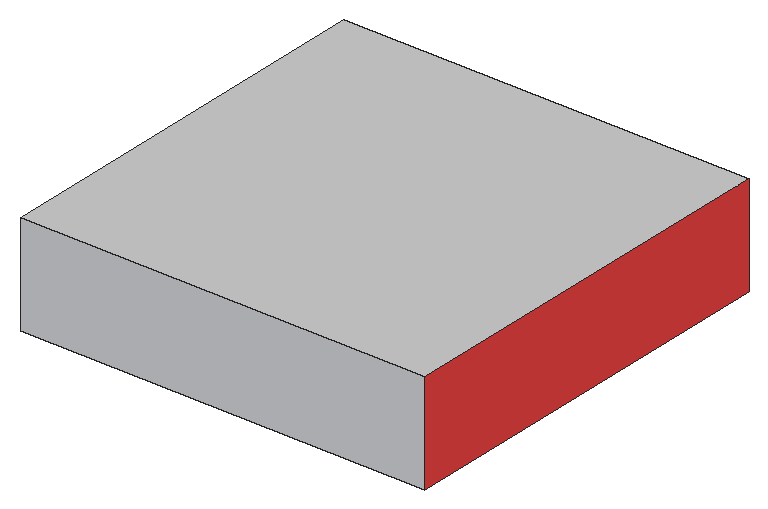
Revit family "GRIFO DE LAVABO KARIM DUE con desagüe automatico", category Aparatos sanitarios, Revit 2015
Parameters (values of type "88944000")
  URL = "http://www.griferiasgalindo.com/lavabo/karim-due/grifo-de-lavabo-karim-due?c=es"
  Teléfono = "(+34) 915 782 575"
  TIPO DE AGUA = "Fria/Caliente"
  REFERENCIA = "88944000"
  Presión Máxima = "5 bar"
  PESO BRUTO = ""
  Modelo = "KARIM DUE"
  Material = LATON CROMADO
  Imagen de tipo = <Ninguno>
  Fabricante = "PRESTO IBÉRICA"
  Default Elevation = 1219.2 mm
  ENTRADA = "Con latiguillos flexibles de 3/8”"
  Descripción = "Grifo monomando de lavabo. Esta serie de diseño tubular con cuerpo consistente y ergonomía funcional, proporciona una mezcla de estética sencilla y funcionalidad apta para todo tipo de usuarios y ambientes de baño. KARIM aporta el sistema de ahorro de agua Flowing Ecosystem con sistema de doble posición de maneta que permite ahorrar hasta un 50 % de agua. Estético, moderno, funcional y ecológico, así es KARIM DUE."
  Código de montaje = "C1030220"
  Contacto = "info@prestoiberica.com"
  Conexión AF = yes
  Conexión AC = yes
  Comentarios de tipo = "◦Grifo monomando de lavabo alto ecológico\r\n◦Acabado Cromo\r\n◦Disponible: sin o con Desagüe automático\r\n◦Cartucho con discos cerámicos de diámetro 40 mm\r\n◦Tubos de alimentación flexibles 3/8\" y longitud 65 cm"
  CIERRE = ""
  CAUDAL = "8,5 l/min a 3 bar"
  Accionamiento = "Por maneta"
Reference planes
  plane 1 "Centro (Frontal/Posterior)": y = 0
  plane 2: z = 0
  plane 3 "Centro (Izquierda/Derecha)": x = 0
Forms (mm)
  Extrusion 1, solid
    sketch origin (0, 0, 0) x (1, 0, 0) y (0, 1, 0)
      loop
        line (-100, 100) -> (-100, -100) -> (100, -100) -> (100, 100) -> (-100, 100)
    from 0 to -50
Dimensions and locks
  Extrusion 1 sketch curve to plane 1 "Centro (Frontal/Posterior)" = 100 mm
  aligned and locked: plane 2 to Extrusion 1
  aligned and locked: level to Extrusion 1
Connectors
  piping at (0, 0, 0), diameter 9.5
    settings: on import instance, index 1, connector inside diameter 609.6 mm, connector length 0 mm, flow factor 0, pipe flow 0.0 L/s, pressure drop 0.0 Pa, fitting loss kfactor 0, connector angle 0.00°, fixture units 0, engagement length 0 mm, angle of deflection 0.00°, flow configuration 0, flow direction 1, fitting loss method 0, system type 7, joint type 0, gender type 0, connector reference index -1, connector utility 0, adjustable connector no, is connector primary yes, connector description ""
